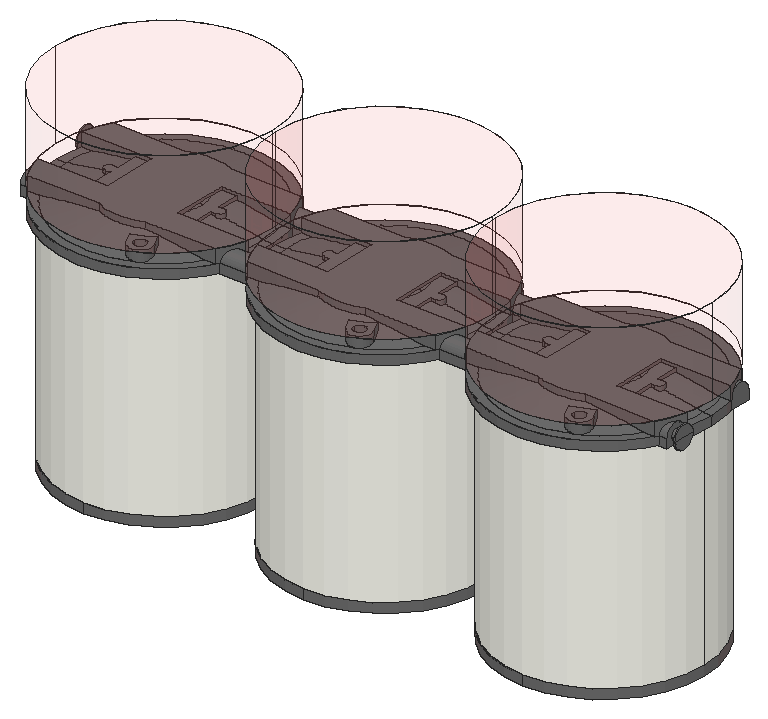
Revit family
Parameters (values of type "1500CRF")
  Watermarked By = "http://revitwatermark.com"
  Water_Ice Tank Volume = "4965 Gallons"
  Warning = "Ice tanks are a component in an ice storage system including chillers, pumps, and controls. Contact CALMAC for IceBank® selection support to make sure all system components will work together properly."
  URL = "http://www.calmac.com/"
  Total Cooling Capacity [instance] = 0.0 ton
  Tank Net Usable Capacity = "486 Ton-Hrs"
  Is Tank 3 Lid Visible = not(CTRL Off)  # yes
  Is Tank 3 Front Right Connector Visible = 1 = 0  # no
  Is Tank 3 Front Left Connector Visible = not(CTRL On)  # no
  Is Tank 3 Back Right Connector Visible = 1 = 0  # no
  Is Tank 3 Back Left Connector Visible = not(CTRL Off)  # yes
  Is Tank 2 Lid Visible = not(CTRL Off)  # yes
  Is Tank 2 Front Right Connector Visible = 1 = 0  # no
  Is Tank 2 Front Left Connector Visible = 1 = 0  # no
  Is Tank 2 Back Right Connector Visible = 1 = 0  # no
  Is Tank 2 Back Left Connector Visible = 1 = 0  # no
  Is Tank 1 Front Right Connector Visible = not(CTRL Off)  # yes
  Is Tank 1 Front Left Connector Visible = 1 = 0  # no
  Is Tank 1 Back Right Connector Visible = not(CTRL On)  # no
  Is Tank 1 Back Left Connector Visible = 1 = 0  # no
  Surface Finish = Plastic- Calmac- Black
  Supply Coolant Temperature [instance] = -459.67 °F
  Storage Inlet Temperature [instance] = 60 °F
  Shipping Weight = 6000.00 lbf
  Return Coolant Temperature [instance] = -459.67 °F
  Requires Plate Heat Exchanger [instance] = no
  Project/Customer = ""
  Product Page URL = "http://www.calmac.com/products/icebank.asp"
  Product Documentation Link = "http://www.calmac.com/products/documents/CS-50Model1500CRFAug2007.pdf"
  Pressure Drop [instance] = 0.00 psi
  Precool Hours [instance] = 0
  Pipe Material = Plastic- Calmac- Black
  Operating Weight = 50600.00 lbf
  Occupied Hours [instance] = 0
  Model = "1500C"
  Maximum Operating Temperature = "38°C"
  Maximum Operating Pressure = "620 kPa"
  Manufacturer e-mail = "info@Calmac.com"
  Manufacturer Contact Details = "CALMAC Manufacturing Corporation Headquarters, 3-00 Banta Place, Fair Lawn, NJ  07410, Tel: (201) 797-1511, Fax: (201) 797-1522"
  Manufacturer = "CALMAC Manufacturing Corp."  # constant formula
  Main Use [instance] = ""
  Location [instance] = ""
  Lid Diameter = 89"  # constant formula
  Leg 4 = 226"  # constant formula
  Leg 3 = 180"  # constant formula
  Leg 2 = 90"  # constant formula
  Leg 1 = 46"  # constant formula
  Latent Cooling Capacity [instance] = 0.0 ton
  Inlet Outlet Center Height = 96 1/2"  # constant formula
  Heat Exchanger Volume = "472 Gallons"
  Has Rigging Bar [instance] = no
  Has Plate and Frame Heat Exchanger [instance] = no
  Has Ice Inventory Meter [instance] = no
  Has Heat Transfer Fluid [instance] = no
  Has Glycol Management System [instance] = no
  Floor Loading Weight = "391 lb/sq.ft."
  Factory Tested Pressure = "1724 kPa"
  Diversity Factor [instance] = 0
  Discharge Rate [instance] = 0
  Discharge Hours [instance] = 0
  Description = "Off-Peak Cooling System"
  Is Clearance Box Visible [instance] = yes
  Clearance Box Height = 36"
  City/State [instance] = ""
  CTRL On = yes
  CTRL Off = not(CTRL On)  # no
  CTRL Hydronic Supply Description = "Hydronic Supply"  # constant formula
  CTRL Hydronic Return Description = "Hydronic Return"  # constant formula
  CTRL Base Radius = 41 3/8"  # constant formula
  Body Material = Plastic- Calmac- Off_White
  Has Solid Base [instance] = yes
  Is Tank 3 Visible = not(CTRL Off)  # yes
  Is Tank 2 Visible = not(CTRL Off)  # yes
  Base Height = Inlet Outlet Center Height - 3 3/4"  # 92 3/4"
  Base Finish = Plastic- Calmac- Black
  Assembly Code = "D3030300"
  Actual Chilled Water Flow [instance] = 0 GPM
Reference planes (in)
  plane 1 "Center (Front/Back)": y = 0
  plane 2 "Bottom": z = 0
  plane 3 "Center (Left/Right)": x = 0
  plane 4 "Left 2 Center (L/R)": x = -90
  plane 5 "Tank 3 Center (L/r)": x = -180
  plane 6 "T.O. Base": z = 92.75
  plane 7 "Inlet/Outlet Center (Elevation)": z = 96.5
  plane 8 "Right Connector Face": x = 46
  plane 9 "Tank 3 Left Connector Face": x = -226
  plane 10 "T2-T3": x = -135
  plane 11 "T1-T2": x = -45
  plane 12 "Front Connector Center (F/B)": y = -16.5
  plane 13 "Back Connector Center (F/B)": y = 16.5
  plane 14 "Back": y = 44.5
  plane 15 "Front": y = -44.5
  plane 16 "T.O. Lid": z = 102
  plane 17 "Top": z = 138
  plane 18 "Front of Tank": x = 44
  plane 19 "Back of Tank": x = -224
  plane 20: x = 42.59375
Dimensions and locks (in)
  "Leg 2": plane 4 "Left 2 Center (L/R)" to nested 1
  "Leg 3": plane 5 "Tank 3 Center (L/r)" to nested 1
  locked: plane 7 "Inlet/Outlet Center (Elevation)" to plane 6 "T.O. Base" at 3.75
  "Inlet Outlet Center Height": plane 7 "Inlet/Outlet Center (Elevation)" to plane 2 "Bottom"
  "Leg 1": plane 3 "Center (Left/Right)" to plane 8 "Right Connector Face"
  "Leg 4": plane 9 "Tank 3 Left Connector Face" to plane 3 "Center (Left/Right)"
  locked: plane 1 "Center (Front/Back)" to plane 13 "Back Connector Center (F/B)" at 16.5
  locked: plane 12 "Front Connector Center (F/B)" to plane 1 "Center (Front/Back)" at 16.5
  locked: plane 1 "Center (Front/Back)" to plane 14 "Back" at 44.5
  locked: plane 15 "Front" to plane 1 "Center (Front/Back)" at 44.5
  plane 16 "T.O. Lid" to plane 7 "Inlet/Outlet Center (Elevation)" = 5 1/2"
  "Clearance Box Height": plane 17 "Top" to plane 16 "T.O. Lid"
  plane 9 "Tank 3 Left Connector Face" to plane 8 "Right Connector Face" = 272"
  locked: plane 5 "Tank 3 Center (L/r)" to plane 4 "Left 2 Center (L/R)" at 90
  locked: plane 4 "Left 2 Center (L/R)" to plane 3 "Center (Left/Right)" at 90
  locked: plane 18 "Front of Tank" to plane 8 "Right Connector Face" at 2
  plane 9 "Tank 3 Left Connector Face" to plane 18 "Front of Tank" = 270"
  plane 10 "T2-T3" to plane 4 "Left 2 Center (L/R)" to plane 11 "T1-T2" = 45" locked, 45" locked
  locked: plane 9 "Tank 3 Left Connector Face" to plane 19 "Back of Tank" at 2
  nested 4 to plane 20 = 222 19/32"
  aligned and locked: plane 1 "Center (Front/Back)" to nested 1
  aligned and locked: plane 3 "Center (Left/Right)" to nested 1
  aligned and locked: plane 4 "Left 2 Center (L/R)" to nested 2
  aligned and locked: plane 1 "Center (Front/Back)" to nested 2
  aligned and locked: plane 5 "Tank 3 Center (L/r)" to nested 3
  aligned and locked: plane 1 "Center (Front/Back)" to nested 3
  aligned and locked: plane 6 "T.O. Base" to nested 4
  aligned: plane 5 "Tank 3 Center (L/r)" to nested 4
  aligned and locked: plane 1 "Center (Front/Back)" to nested 4
  aligned and locked: plane 1 "Center (Front/Back)" to nested 5
  aligned and locked: plane 4 "Left 2 Center (L/R)" to nested 5
  aligned and locked: plane 3 "Center (Left/Right)" to nested 6
  aligned and locked: plane 1 "Center (Front/Back)" to nested 6
  aligned and locked: plane 6 "T.O. Base" to nested 6
  aligned and locked: plane 6 "T.O. Base" to nested 5
  aligned: plane 6 "T.O. Base" to nested 3
  aligned and locked: nested 3 to nested 4
  aligned and locked: plane 2 "Bottom" to nested 3
  aligned and locked: plane 2 "Bottom" to nested 2
  aligned and locked: plane 2 "Bottom" to nested 1
Nested families (in)
  nested 1: "Cooling_Plant_Accessories-Calmac-IceBank-Base" at (0, 0, 0), type "Base"
    with Is Symbolic Line Visible no, Has Solid Base yes, CTRL Inner Wall Radius 40 1/2", CTRL Base Radius 41 3/8", Base Height 92 3/4"
  nested 2: "Cooling_Plant_Accessories-Calmac-IceBank-Base" at (-90, 0, 0), visible <- "Is Tank 2 Visible", type "Base"
    with Is Symbolic Line Visible no, Has Solid Base yes, CTRL Inner Wall Radius 40 1/2", CTRL Base Radius 41 3/8", Base Height 92 3/4"
  nested 3: "Cooling_Plant_Accessories-Calmac-IceBank-Base" at (-180, 0, 0), visible <- "Is Tank 3 Visible", type "Base"
    with Is Symbolic Line Visible no, Has Solid Base yes, CTRL Inner Wall Radius 40 1/2", CTRL Base Radius 41 3/8", Base Height 92 3/4"
  nested 4: "Cooling_Plant_Accessories-Calmac-IceBank-Lid_C" at (-180, 0, 92.75), visible <- "Is Tank 3 Lid Visible", Is Front Right  Flanged Connector Visibility <- "Is Tank 3 Front Right Connector Visible", Is Front Left  Flanged Connector Visibility <- "Is Tank 3 Front Left Connector Visible", Is Clearance Box Visible <- "Is Clearance Box Visible", Is Back Right Flanged Connector Visibility <- "Is Tank 3 Back Right Connector Visible", Is Back Left  Flanged Connector Visibility <- "Is Tank 3 Back Left Connector Visible", Diameter <- "Lid Diameter", Clearance Box Height <- "Clearance Box Height", type "Lid-C"
    with Show Piping Insulation yes, Is Front Right  Flanged Connector Visibility no, Is Front Left  Flanged Connector Visibility no, Is Clearance Box Visible yes, Is Back Right Flanged Connector Visibility no, Is Back Left  Flanged Connector Visibility yes, Insulation Length Right 222 19/32", Insulation Length Left 42 19/32", Diameter 89", Connections Rear Cooling_Plant_Accessories-Calmac-IceBank-4-Inch Flanged Connection : Flange, Connections Front Cooling_Plant_Accessories-Calmac-IceBank-4-Inch Flanged Connection : No Flange, Clearance Box Height 36", CTRL Radius 44 1/2"
  nested 5: "Cooling_Plant_Accessories-Calmac-IceBank-Lid_C" at (-90, 0, 92.75), visible <- "Is Tank 2 Lid Visible", Clearance Box Height <- "Clearance Box Height", Is Front Right  Flanged Connector Visibility <- "Is Tank 2 Front Right Connector Visible", Is Front Left  Flanged Connector Visibility <- "Is Tank 2 Front Left Connector Visible", Is Clearance Box Visible <- "Is Clearance Box Visible", Is Back Right Flanged Connector Visibility <- "Is Tank 2 Back Right Connector Visible", Is Back Left  Flanged Connector Visibility <- "Is Tank 2 Back Left Connector Visible", Diameter <- "Lid Diameter", type "Lid-C"
    with Show Piping Insulation no, Is Front Right  Flanged Connector Visibility no, Is Front Left  Flanged Connector Visibility no, Is Clearance Box Visible yes, Is Back Right Flanged Connector Visibility no, Is Back Left  Flanged Connector Visibility no, Insulation Length Right 42 19/32", Insulation Length Left 42 19/32", Diameter 89", Connections Rear Cooling_Plant_Accessories-Calmac-IceBank-4-Inch Flanged Connection : No Flange, Connections Front Cooling_Plant_Accessories-Calmac-IceBank-4-Inch Flanged Connection : No Flange, Clearance Box Height 36", CTRL Radius 44 1/2"
  nested 6: "Cooling_Plant_Accessories-Calmac-IceBank-Lid_C" at (0, 0, 92.75), Clearance Box Height <- "Clearance Box Height", Diameter <- "Lid Diameter", Is Front Right  Flanged Connector Visibility <- "Is Tank 1 Front Right Connector Visible", Is Front Left  Flanged Connector Visibility <- "Is Tank 1 Front Left Connector Visible", Is Clearance Box Visible <- "Is Clearance Box Visible", Is Back Right Flanged Connector Visibility <- "Is Tank 1 Back Right Connector Visible", Is Back Left  Flanged Connector Visibility <- "Is Tank 1 Back Left Connector Visible", type "Lid-C"
    with Show Piping Insulation no, Is Front Right  Flanged Connector Visibility yes, Is Front Left  Flanged Connector Visibility no, Is Clearance Box Visible yes, Is Back Right Flanged Connector Visibility no, Is Back Left  Flanged Connector Visibility no, Insulation Length Right 42 19/32", Insulation Length Left 42 19/32", Diameter 89", Connections Rear Cooling_Plant_Accessories-Calmac-IceBank-4-Inch Flanged Connection : No Flange, Connections Front Cooling_Plant_Accessories-Calmac-IceBank-4-Inch Flanged Connection : Flange, Clearance Box Height 36", CTRL Radius 44 1/2"
Connectors (in)
  piping at (46.01172, -16.5, 96.5)
    settings: on nested 6, index 1, connector radius 2", flow factor 0, pipe flow 0 GPM, pressure drop 0.00 psi, fitting loss kfactor 0, connector angle 0.00°, fixture units 0, flow configuration 0, flow direction 0, fitting loss method 0, system type 7, connector reference index -1, connector utility 0, adjustable connector no, is connector primary yes, fitting loss table "", connector description ""
  piping at (-226.01172, 16.5, 96.5)
    settings: on nested 4, index 2, connector radius 2", flow factor 0, pipe flow 0 GPM, pressure drop 0.00 psi, fitting loss kfactor 0, connector angle 0.00°, fixture units 0, flow configuration 0, flow direction 0, fitting loss method 0, system type 7, connector reference index -1, connector utility 0, adjustable connector no, is connector primary no, fitting loss table "", connector description ""
Definition of nested family "Cooling_Plant_Accessories-Calmac-IceBank-Base"
  Parameters (values of type "Base")
    Wall Thickness = 7/8"
    URL = "http://www.calmac.com/"
    Type Comments = ""
    Is Symbolic Line Visible = not(Has Solid Base)  # yes
    Has Solid Base = no
    Model = ""
    Manufacturer = "CALMAC Manufacturing Corp."  # constant formula
    CTRL Inner Wall Radius = CTRL Base Radius - Wall Thickness  # 36"
    CTRL Base Radius = 36 7/8"
    Body Material = Plastic- Calmac- Off_White
    Base Height = 43 5/16"
    Base Finish = Plastic- Calmac- Black
    Assembly Code = "D3030"
  Reference planes (in)
    plane 1 "Center (Front/Back)": y = 0
    plane 2 "Bottom": z = 0
    plane 3 "Center (Left/Right)": x = 0
    plane 4 "Back": y = 36.875
    plane 5 "Front": y = -36.875
    plane 6 "Right": x = 36.875
    plane 7 "Left": x = -36.875
    plane 8 "T.O. Base Plate": z = 4
    plane 9 "Right Edge of Right Void": x = 24.125
    plane 10 "Left Edge of Right Void": x = 13.125
    plane 11 "Left Edge of Left Void": x = -24.125
    plane 12 "Right Edge of Left Void": x = -13.125
    plane 13 "T.O. Base Void": z = 2
    plane 14 "T.O. Base": z = 43.3125
  Forms (in)
    Extrusion 1, solid, material "Plastic- Calmac- Black" <- "Base Finish", visible <- "Is Symbolic Line Visible", detail levels fine
      sketch origin (0, 0, 0) x (1, 0, 0) y (0, 1, 0)
        loop
          circle (0, 0) r 36.875
      from 0 to 4
    Extrusion 2, void
      sketch origin (0, 0, 0) x (1, 0, 0) y (0, 1, 0)
        loop
          line (-24.125, 36.875) -> (-24.125, -36.875) -> (-13.125, -36.875) -> (-13.125, 36.875) -> (-24.125, 36.875)
        loop
          line (13.125, 36.875) -> (13.125, -36.875) -> (24.125, -36.875) -> (24.125, 36.875) -> (13.125, 36.875)
      from 0 to 2
    Extrusion 3, solid, material "Plastic- Calmac- Off_White" <- "Body Material", detail levels fine
      sketch origin (0, 0, 0) x (1, 0, 0) y (0, 1, 0)
        loop
          circle (0, 0) r 36.875
        loop
          circle (0, 0) r 36
      from 4 to 43.3125
    Extrusion 4, solid, material "Plastic- Calmac- Black" <- "Base Finish", visible <- "Has Solid Base", detail levels fine
      sketch origin (0, 0, 43.3125) x (0, -1, 0) y (1, 0, 0)
        loop
          circle (0, 0) r 36.875
      from -43.3125 to -39.3125
  Cuts and joins
    Extrusion 2 cuts Extrusion 3
    Extrusion 2 cuts Extrusion 1
  Lines and regions (in)
    Masking region 1
      outline origin (0, 0, 0) x (1, 0, 0) y (0, 1, 0)
        loop
          circle (0, 0) r 36.875
    Masking region 2
      outline origin (0, 0, 0) x (1, 0, 0) y (0, 0, 1)
        loop
          line (-36.875, 0) -> (36.875, 0) -> (36.875, 43.3125) -> (-36.875, 43.3125) -> (-36.875, 0)
    Masking region 3
      outline origin (0, 0, 0) x (0, 1, 0) y (0, 0, 1)
        loop
          line (-36.875, 0) -> (36.875, 0) -> (36.875, 43.3125) -> (-36.875, 43.3125) -> (-36.875, 0)
    symbolic lines, style "Base", detail levels medium+fine
      curve 1: line (-36.875, 0, 4) -> (36.875, 0, 4)
      curve 8: line (0, -36.875, 4) -> (0, 36.875, 4)
    symbolic lines, style "Base", visible <- "Is Symbolic Line Visible", detail levels medium+fine
      curve 2: line (-24.125, 0, 0) -> (-24.125, 0, 2)
      curve 3: line (-24.125, 0, 2) -> (-13.125, 0, 2)
      curve 4: line (13.125, 0, 2) -> (24.125, 0, 2)
      curve 5: line (13.125, 0, 0) -> (13.125, 0, 2)
      curve 6: line (24.125, 0, 0) -> (24.125, 0, 2)
      curve 7: line (-13.125, 0, 0) -> (-13.125, 0, 2)
    model lines, style "Base", detail levels medium
      curve 9: circle (0, 0, 43.3125) r 36.875 normal (0, 0, 1)
      curve 10: circle (0, 0, 4) r 36.875 normal (0, 0, 1)
      curve 11: circle (0, 0, 0) r 36.875 normal (0, 0, 1)
      curve 12: line (36.875, 0, 0) -> (36.875, 0, 43.3125)
      curve 13: line (-36.875, 0, 0) -> (-36.875, 0, 43.3125)
      curve 14: line (0, -36.875, 0) -> (0, -36.875, 43.3125)
      curve 15: line (0, 36.875, 0) -> (0, 36.875, 43.3125)
    model lines, style "Base", detail levels coarse
      curve 16: line (0, 0, 0) -> (0, 0, 43.3125)
  Dimensions and locks (in)
    locked: plane 7 "Left" to plane 11 "Left Edge of Left Void" at 12.75
    locked: plane 7 "Left" to plane 12 "Right Edge of Left Void" at 23.75
    locked: plane 9 "Right Edge of Right Void" to plane 6 "Right" at 12.75
    locked: plane 10 "Left Edge of Right Void" to plane 6 "Right" at 23.75
    "CTRL Base Radius": plane 7 "Left" to plane 3 "Center (Left/Right)"
    "CTRL Base Radius": plane 3 "Center (Left/Right)" to plane 6 "Right"
    "CTRL Base Radius": plane 1 "Center (Front/Back)" to plane 4 "Back"
    "CTRL Base Radius": plane 5 "Front" to plane 1 "Center (Front/Back)"
    locked: plane 8 "T.O. Base Plate" to plane 2 "Bottom" at 4
    "Base Height": plane 14 "T.O. Base" to plane 2 "Bottom"
    locked: plane 13 "T.O. Base Void" to plane 2 "Bottom" at 2
    "CTRL Base Radius": radius of Extrusion 1 sketch curve
    "CTRL Base Radius": radius of Extrusion 3 sketch curve
    "CTRL Inner Wall Radius": radius of Extrusion 3 sketch curve
    "CTRL Base Radius": radius of Masking region 1 sketch curve
    "CTRL Base Radius": radius of curve 9
    "CTRL Base Radius": radius of curve 10
    "CTRL Base Radius": radius of curve 11
    "CTRL Base Radius": radius of Extrusion 4 sketch curve
    aligned and locked: plane 3 "Center (Left/Right)" to Extrusion 1 sketch curve
    aligned and locked: plane 1 "Center (Front/Back)" to Extrusion 1 sketch curve
    aligned and locked: Extrusion 1 to plane 2 "Bottom"
    aligned and locked: plane 8 "T.O. Base Plate" to Extrusion 1
    aligned and locked: plane 2 "Bottom" to Extrusion 1
    aligned and locked: Extrusion 2 sketch curve to plane 4 "Back"  (x2)
    aligned and locked: Extrusion 2 sketch curve to plane 12 "Right Edge of Left Void"
    aligned and locked: plane 11 "Left Edge of Left Void" to Extrusion 2 sketch curve
    aligned and locked: Extrusion 2 sketch curve to plane 5 "Front"  (x2)
    aligned and locked: Extrusion 2 sketch curve to plane 10 "Left Edge of Right Void"
    aligned and locked: Extrusion 2 sketch curve to plane 9 "Right Edge of Right Void"
    aligned and locked: plane 13 "T.O. Base Void" to Extrusion 2
    aligned and locked: Extrusion 2 to plane 2 "Bottom"
    aligned and locked: Extrusion 2 to plane 5 "Front"
    aligned and locked: plane 4 "Back" to Extrusion 2
    aligned and locked: Extrusion 2 to plane 13 "T.O. Base Void"  (x2)
    aligned and locked: plane 11 "Left Edge of Left Void" to Extrusion 2
    aligned and locked: plane 2 "Bottom" to Extrusion 2  (x2)
    aligned and locked: Extrusion 2 to plane 12 "Right Edge of Left Void"
    aligned and locked: plane 10 "Left Edge of Right Void" to Extrusion 2
    aligned and locked: Extrusion 2 to plane 9 "Right Edge of Right Void"
    aligned and locked: plane 3 "Center (Left/Right)" to Extrusion 3 sketch curve  (x2)
    aligned and locked: plane 1 "Center (Front/Back)" to Extrusion 3 sketch curve  (x2)
    aligned and locked: Extrusion 3 to plane 8 "T.O. Base Plate"
    aligned and locked: plane 14 "T.O. Base" to Extrusion 3
    aligned and locked: plane 3 "Center (Left/Right)" to Masking region 1 sketch curve
    aligned and locked: plane 1 "Center (Front/Back)" to Masking region 1 sketch curve
    aligned and locked: Masking region 2 sketch curve to plane 14 "T.O. Base"
    aligned and locked: plane 6 "Right" to Masking region 2 sketch curve
    aligned and locked: plane 2 "Bottom" to Masking region 2 sketch curve
    aligned and locked: Masking region 2 sketch curve to plane 7 "Left"
    aligned and locked: plane 7 "Left" to curve 1
    aligned and locked: plane 6 "Right" to curve 1
    aligned and locked: curve 1 to plane 8 "T.O. Base Plate"
    aligned and locked: plane 11 "Left Edge of Left Void" to curve 3
    aligned and locked: plane 12 "Right Edge of Left Void" to curve 3
    aligned and locked: curve 3 to plane 13 "T.O. Base Void"
    aligned and locked: plane 2 "Bottom" to curve 2
    aligned and locked: curve 2 to plane 11 "Left Edge of Left Void"
    aligned and locked: plane 10 "Left Edge of Right Void" to curve 4
    aligned and locked: plane 9 "Right Edge of Right Void" to curve 4
    aligned and locked: plane 13 "T.O. Base Void" to curve 5
    aligned and locked: plane 13 "T.O. Base Void" to curve 6
    aligned and locked: plane 2 "Bottom" to curve 5
    aligned and locked: curve 5 to plane 10 "Left Edge of Right Void"
    aligned and locked: curve 6 to plane 9 "Right Edge of Right Void"
    aligned and locked: plane 13 "T.O. Base Void" to curve 7
    aligned and locked: plane 2 "Bottom" to curve 7
    aligned and locked: curve 7 to plane 12 "Right Edge of Left Void"
    aligned and locked: plane 5 "Front" to Masking region 3 sketch curve
    aligned and locked: plane 14 "T.O. Base" to Masking region 3 sketch curve
    aligned and locked: Masking region 3 sketch curve to plane 4 "Back"
    aligned and locked: plane 2 "Bottom" to Masking region 3 sketch curve
    aligned and locked: plane 4 "Back" to curve 8
    aligned and locked: plane 5 "Front" to curve 8
    aligned and locked: curve 8 to plane 8 "T.O. Base Plate"
    aligned and locked: plane 3 "Center (Left/Right)" to curve 9
    aligned and locked: plane 1 "Center (Front/Back)" to curve 9
    aligned and locked: curve 9 to plane 14 "T.O. Base"
    aligned and locked: curve 10 to plane 8 "T.O. Base Plate"
    aligned and locked: plane 3 "Center (Left/Right)" to curve 10
    aligned and locked: plane 1 "Center (Front/Back)" to curve 10
    aligned: curve 11 to plane 2 "Bottom"
    aligned and locked: plane 3 "Center (Left/Right)" to curve 11
    aligned and locked: plane 1 "Center (Front/Back)" to curve 11
    aligned and locked: plane 14 "T.O. Base" to curve 12
    aligned and locked: plane 14 "T.O. Base" to curve 13
    aligned and locked: plane 2 "Bottom" to curve 12
    aligned and locked: plane 2 "Bottom" to curve 13
    aligned and locked: curve 12 to plane 6 "Right"
    aligned and locked: curve 13 to plane 7 "Left"
    aligned and locked: curve 12 to plane 1 "Center (Front/Back)"
    aligned and locked: curve 13 to plane 1 "Center (Front/Back)"
    aligned and locked: plane 14 "T.O. Base" to curve 14
    aligned and locked: plane 14 "T.O. Base" to curve 15
    aligned and locked: plane 2 "Bottom" to curve 14
    aligned and locked: plane 2 "Bottom" to curve 15
    aligned and locked: plane 4 "Back" to curve 15
    aligned and locked: plane 5 "Front" to curve 14
    aligned and locked: plane 3 "Center (Left/Right)" to curve 14
    aligned and locked: plane 3 "Center (Left/Right)" to curve 15
    aligned and locked: plane 14 "T.O. Base" to curve 16
    aligned and locked: plane 2 "Bottom" to curve 16
    aligned and locked: plane 3 "Center (Left/Right)" to curve 16
    aligned and locked: curve 16 to plane 1 "Center (Front/Back)"
    aligned and locked: plane 1 "Center (Front/Back)" to Extrusion 4 sketch curve
    aligned and locked: plane 3 "Center (Left/Right)" to Extrusion 4 sketch curve
    aligned and locked: plane 8 "T.O. Base Plate" to Extrusion 4
    aligned and locked: Extrusion 4 to plane 2 "Bottom"
  Automatic sketch dimensions
    curve 6 to level = 0"
Definition of nested family "Cooling_Plant_Accessories-Calmac-IceBank-Lid_C"
  Parameters (values of type "Lid-C")
    Surface Finish = Plastic- Calmac- Black
    Show Piping Insulation [instance] = yes
    Insulation Length Right [instance] = 42 19/32"
    Insulation Length Left [instance] = 42 19/32"
    Connections Rear [instance] = Cooling_Plant_Accessories-Calmac-IceBank-4-Inch Flanged Connection : Flange
    Pipe Material = Plastic- Calmac- Black
    Is Front Right  Flanged Connector Visibility [instance] = yes
    Is Front Left  Flanged Connector Visibility [instance] = yes
    Connections Front [instance] = Cooling_Plant_Accessories-Calmac-IceBank-4-Inch Flanged Connection : Flange
    Diameter [instance] = 88 5/8"
    Is Clearance Box Visible [instance] = yes
    Clearance Box Height [instance] = 36"
    CTRL Radius [instance] = Diameter / 2  # 44 5/16"
    Is Back Right Flanged Connector Visibility [instance] = yes
    Is Back Left  Flanged Connector Visibility [instance] = yes
  Reference planes (in)
    plane 1 "Center (Front/Back)": y = 0
    plane 2 "Bottom": z = 0
    plane 3 "Center (Left/Right)": x = 0
    plane 4 "Back": y = 44.315
    plane 5 "Back Connector Back": y = 20.75
    plane 6 "Back Connector Center": y = 16.5
    plane 7 "Back Connector Front": y = 12.25
    plane 8 "Piping Back": y = 21.88647
    plane 9 "Rigging Back": y = 11.25
    plane 10 "Rigging Loop Back": y = 2
    plane 11 "Top Back Edge": y = 24
    plane 12 "Back Inset": y = 40.5
    plane 13 "Back Bolt Front": y = 41.313
    plane 14 "Front": y = -44.315
    plane 15 "Front Connection Front": y = -20.75
    plane 16 "Fron Connector Center": y = -16.5
    plane 17 "Front Connector Back": y = -12.25
    plane 18 "Piping Front": y = -21.88647
    plane 19 "Rigging Front": y = -11.25
    plane 20 "Rigging Loop Front": y = -2
    plane 21 "Top Front Edge": y = -24
    plane 22 "Front Inset": y = -40.5
    plane 23 "Pad Eye Back Right": y = -25.81593
    plane 24 "Pad Eye Back Left Offset": y = -29.90257
    plane 25 "Pad Eye Hole": y = -34.65277
    plane 26 "Pad Eye Back Left": y = -29.72849
    plane 27 "Pad Eye Front Center": y = -36.16371
    plane 28 "Left Connection": x = -44.04297
    plane 29 "Left": x = -44.31273
    plane 30 "Left Lip Inset": x = -40.49773
    plane 31 "Left Rigging Loop Left": x = -24.67173
    plane 32 "Left Rigging Loop Inset": x = -21.42181
    plane 33 "Left Rigging Loop Right": x = -20.67011
    plane 34 "Left Rigging Right": x = -14.19546
    plane 35 "Top Left": x = -9.54335
    plane 36 "Right Connection": x = 44.04297
    plane 37 "Right": x = 44.31273
    plane 38 "Lid Inset Right": x = 40.49773
    plane 39 "Right Rigging Loop Right": x = 24.67173
    plane 40 "Right Rigging Loop Inset": x = 21.42181
    plane 41 "Right Rigging Loop Left": x = 20.67011
    plane 42 "Right Rigging Left": x = 14.19546
    plane 43 "Top Right": x = 9.54335
    plane 44 "Connection Sleeve Left": x = -42.58273
    plane 45 "Connection Sleeve Right": x = 42.58273
    plane 46 "Right Center": x = 17.8202
    plane 47 "Bolt Inset Right": x = 1.00017
    plane 48 "Bolt Inset Left": x = -1.00017
    plane 49 "Bolt Inset Center": y = 42.31422
    plane 50 "Top Left Inset": x = -38.53052
    plane 51 "Top Right Inset": x = 38.53052
    plane 52 "Right Side Chanel": x = 42.86089
    plane 53 "Left Side Channel": x = -42.86089
    plane 54 "Top of Clearance Box": z = 45.25
    plane 55 "Top": z = 9.25
    plane 56 "Connector Channel Top": z = 8
    plane 57 "Center (Elevation)": z = 3.75
    plane 58 "Front Inset 2": y = -36.85443
    plane 59 "Flange Right": x = 46.0007
    plane 60 "Insulation - Right": x = 42.59375
    plane 61 "Insulation - Left": x = -42.59375
    plane 62 "Flange Left": x = -46.01172
    plane 63: x = 46.01172
  Forms (in)
    Revolve 1, solid, material "Plastic- Calmac- Black" <- "Surface Finish", detail levels fine
      sketch origin (0, 0, 0) x (1, 0, 0) y (0, 0, 1)
        loop
          line (0, 9) -> (0, 0) -> (44.31273, 0) -> (44.31273, 3.75) -> (40.49773, 3.75) -> (9.54335, 9) -> (0, 9)
        axis (0, 9) -> (0, 0)
      angle from 0 to 360
    Extrusion 2, solid, material "Plastic- Calmac- Black" <- "Surface Finish", detail levels fine
      sketch origin (0, 0, 0) x (1, 0, 0) y (0, 1, 0)
        loop
          arc (-38.53052, 21.88647) -> (-41.04173, 16.70911) -> (-42.86089, 11.25) r 44.31273
          line (-42.86089, 11.25) -> (-14.19546, 11.25) -> (-14.19546, -11.25) -> (-42.86089, -11.25)
          arc (-42.86089, -11.25) -> (-41.04173, -16.70911) -> (-38.53052, -21.88647) r 44.31273
          line (-38.53052, -21.88647) -> (-9.54335, -21.88647)
          arc (-9.54335, -21.88647) -> (0, -24) -> (9.54335, -21.88647) r 22.60261
          line (9.54335, -21.88647) -> (38.53052, -21.88647)
          arc (38.53052, -21.88647) -> (41.04173, -16.70911) -> (42.86089, -11.25) r 44.31273
          line (42.86089, -11.25) -> (14.19546, -11.25) -> (14.19546, 11.25) -> (42.86089, 11.25)
          arc (42.86089, 11.25) -> (41.04173, 16.70911) -> (38.53052, 21.88647) r 44.31273
          line (38.53052, 21.88647) -> (9.54335, 21.88647)
          arc (9.54335, 21.88647) -> (0, 24) -> (-9.54335, 21.88647) r 22.60261
          line (-9.54335, 21.88647) -> (-38.53052, 21.88647)
      from 3.75 to 9.25
    Extrusion 3, solid, material "Plastic- Calmac- Black" <- "Surface Finish", visible <- "Show Piping Insulation", detail levels fine
      sketch origin (0, 0, 0) x (0, 1, 0) y (0, 0, 1)
        loop
          arc (20.75, 3.75) -> (16.5, 8) -> (12.25, 3.75) r 4.25
          line (12.25, 3.75) -> (12.25, 0) -> (20.75, 0) -> (20.75, 3.75)
        loop
          arc (-12.25, 3.75) -> (-16.5, 8) -> (-20.75, 3.75) r 4.25
          line (-20.75, 3.75) -> (-20.75, 0) -> (-12.25, 0) -> (-12.25, 3.75)
      from -42.59375 to 42.59375
    Extrusion 4, solid, material "Plastic- Calmac- Black" <- "Surface Finish", detail levels fine
      sketch origin (0, 0, 0) x (1, 0, 0) y (0, 1, 0)
        loop
          circle (15.75299, -32.19443) r 2.46875
        loop
          arc (17.70624, -25.58301) -> (13.67455, -27.9461) -> (9.33437, -29.67863) r 31.11
          line (9.33437, -29.67863) -> (11.56709, -34.24232)
          arc (11.56709, -34.24232) -> (17.80089, -36.38032) -> (19.93889, -30.14653) r 4.66
          line (19.93889, -30.14653) -> (17.70624, -25.58301)
      from 3.75 to 8
    Extrusion 5, solid, material "Plastic- Calmac- Black" <- "Surface Finish", detail levels fine
      sketch origin (0, 0, 0) x (1, 0, 0) y (0, 1, 0)
        loop
          line (-20.67011, 11.25) -> (-20.67011, 2) -> (-22.67173, 2)
          arc (-22.67173, 2) -> (-24.67173, 0) -> (-22.67173, -2) r 2
          line (-22.67173, -2) -> (-20.67011, -2) -> (-20.67011, -11.25) -> (-14.19546, -11.25) -> (-14.19546, 11.25) -> (-20.67011, 11.25)
        loop
          line (20.67011, 2) -> (20.67011, 11.25) -> (14.19546, 11.25) -> (14.19546, -11.25) -> (20.67011, -11.25) -> (20.67011, -2) -> (22.67548, -2)
          arc (22.67548, -2) -> (24.67548, 0) -> (22.67548, 2) r 2
          line (22.67548, 2) -> (20.67011, 2)
      from 3.75 to 8
  Cuts and joins
    joined: Revolve 1, Extrusion 2, Extrusion 4, Extrusion 5
  Lines and regions (in)
    Masking region 1
      outline origin (0, 0, 0) x (1, 0, 0) y (0, 0, 1)
        loop
          line (-44.31273, 9.25) -> (-44.31273, 0) -> (44.31273, 0) -> (44.31273, 9.25) -> (-44.31273, 9.25)
    Masking region 2
      outline origin (0, 0, 0) x (0, 1, 0) y (0, 0, 1)
        loop
          line (44.315, 3.75) -> (40.5, 3.75) -> (24, 6.54801) -> (24, 9.25) -> (-24, 9.25) -> (-24, 6.54801) -> (-25.58301, 6.26888) -> (-25.58301, 8) -> (-36.85443, 8) -> (-36.85443, 4.39281) -> (-40.5, 3.75) -> (-44.315, 3.75) -> (-44.315, 0) -> (44.315, 0) -> (44.315, 3.75)
    Masking region 3
      outline origin (0, 0, 3.75) x (-1, 0, 0) y (0, -1, 0)
        loop
          circle (0, 0) r 44.31273
    Masking region 4, visible <- "Show Piping Insulation"
      outline origin (0, 0, 9) x (-1, 0, 0) y (0, -1, 0)
        loop
          line (42.59375, -20.75) -> (42.59375, -12.25) -> (-42.59375, -12.25) -> (-42.59375, -20.75) -> (42.59375, -20.75)
        loop
          line (42.59375, 12.25) -> (42.59375, 20.75) -> (-42.59375, 20.75) -> (-42.59375, 12.25) -> (42.59375, 12.25)
    Masking region 5, visible <- "Show Piping Insulation"
      outline origin (0, 0, 0) x (1, 0, 0) y (0, 0, 1)
        loop
          line (-42.59375, 8) -> (-42.59375, 0) -> (42.59375, 0) -> (42.59375, 8) -> (-42.59375, 8)
    symbolic lines, detail levels fine
      curve 1: line (1.00017, 44.315, 3.75) -> (1.00017, 42.31422, 3.75)
      curve 2: line (-1.00017, 44.315, 3.75) -> (-1.00017, 42.31422, 3.75)
      curve 3: arc (-1.00017, 42.31422, 3.75) -> (0, 41.31405, 3.75) -> (1.00017, 42.31422, 3.75) r 1.00017
      curve 4: line (10.83611, 42.98137, 3.75) -> (10.39089, 41.03076, 3.75)
      curve 5: line (8.88592, 43.42649, 3.75) -> (8.44071, 41.47588, 3.75)
      curve 6: arc (8.44071, 41.47588, 3.75) -> (9.19324, 40.27822, 3.75) -> (10.39089, 41.03076, 3.75) r 1.00017
      curve 7: line (-8.88592, 43.42649, 3.75) -> (-8.44071, 41.47588, 3.75)
      curve 8: line (-10.83611, 42.98137, 3.75) -> (-10.39089, 41.03076, 3.75)
      curve 9: arc (-10.39089, 41.03076, 3.75) -> (-9.19324, 40.27822, 3.75) -> (-8.44071, 41.47588, 3.75) r 1.00017
      curve 10: line (-18.32644, 40.36039, 3.75) -> (-17.45833, 38.55775, 3.75)
      curve 11: line (-20.12868, 39.49248, 3.75) -> (-19.26058, 37.68984, 3.75)
      curve 12: arc (-19.26058, 37.68984, 3.75) -> (-17.9255, 37.22267, 3.75) -> (-17.45833, 38.55775, 3.75) r 1.00017
      curve 13: line (-26.84799, 35.27046, 3.75) -> (-25.60052, 33.70619, 3.75)
      curve 14: line (-28.41192, 34.02327, 3.75) -> (-27.16445, 32.45899, 3.75)
      curve 15: arc (-27.16445, 32.45899, 3.75) -> (-25.75889, 32.30063, 3.75) -> (-25.60052, 33.70619, 3.75) r 1.00017
      curve 16: line (-34.02327, 28.41192, 3.75) -> (-32.45899, 27.16445, 3.75)
      curve 17: line (-35.27046, 26.84799, 3.75) -> (-33.70619, 25.60052, 3.75)
      curve 18: arc (-33.70619, 25.60052, 3.75) -> (-32.30063, 25.75889, 3.75) -> (-32.45899, 27.16445, 3.75) r 1.00017
      curve 19: line (-42.98137, 10.83611, 3.75) -> (-41.03076, 10.39089, 3.75)
      curve 20: line (-43.42649, 8.88592, 3.75) -> (-41.47588, 8.44071, 3.75)
      curve 21: arc (-41.47588, 8.44071, 3.75) -> (-40.27822, 9.19324, 3.75) -> (-41.03076, 10.39089, 3.75) r 1.00017
      curve 22: line (-44.315, 1.00017, 3.75) -> (-42.31422, 1.00017, 3.75)
      curve 23: line (-44.315, -1.00017, 3.75) -> (-42.31422, -1.00017, 3.75)
      curve 24: arc (-42.31422, -1.00017, 3.75) -> (-41.31405, 0, 3.75) -> (-42.31422, 1.00017, 3.75) r 1.00017
      curve 25: line (-43.42649, -8.88592, 3.75) -> (-41.47588, -8.44071, 3.75)
      curve 26: line (-42.98137, -10.83611, 3.75) -> (-41.03076, -10.39089, 3.75)
      curve 27: arc (-41.03076, -10.39089, 3.75) -> (-40.27822, -9.19324, 3.75) -> (-41.47588, -8.44071, 3.75) r 1.00017
      curve 28: line (-35.27046, -26.84799, 3.75) -> (-33.70619, -25.60052, 3.75)
      curve 29: line (-34.02327, -28.41192, 3.75) -> (-32.45899, -27.16445, 3.75)
      curve 30: arc (-32.45899, -27.16445, 3.75) -> (-32.30063, -25.75889, 3.75) -> (-33.70619, -25.60052, 3.75) r 1.00017
      curve 31: line (-28.41192, -34.02327, 3.75) -> (-27.16445, -32.45899, 3.75)
      curve 32: line (-26.84799, -35.27046, 3.75) -> (-25.60052, -33.70619, 3.75)
      curve 33: arc (-25.60052, -33.70619, 3.75) -> (-25.75889, -32.30063, 3.75) -> (-27.16445, -32.45899, 3.75) r 1.00017
      curve 34: line (-20.12868, -39.49248, 3.75) -> (-19.26058, -37.68984, 3.75)
      curve 35: line (-18.32644, -40.36039, 3.75) -> (-17.45833, -38.55775, 3.75)
      curve 36: arc (-17.45833, -38.55775, 3.75) -> (-17.9255, -37.22267, 3.75) -> (-19.26058, -37.68984, 3.75) r 1.00017
      curve 37: line (-10.83611, -42.98137, 3.75) -> (-10.39089, -41.03076, 3.75)
      curve 38: line (-8.88592, -43.42649, 3.75) -> (-8.44071, -41.47588, 3.75)
      curve 39: arc (-8.44071, -41.47588, 3.75) -> (-9.19324, -40.27822, 3.75) -> (-10.39089, -41.03076, 3.75) r 1.00017
      curve 40: line (-1.00017, -44.315, 3.75) -> (-1.00017, -42.31422, 3.75)
      curve 41: line (1.00017, -44.315, 3.75) -> (1.00017, -42.31422, 3.75)
      curve 42: arc (1.00017, -42.31422, 3.75) -> (0, -41.31405, 3.75) -> (-1.00017, -42.31422, 3.75) r 1.00017
      curve 43: line (8.88592, -43.42649, 3.75) -> (8.44071, -41.47588, 3.75)
      curve 44: line (10.83611, -42.98137, 3.75) -> (10.39089, -41.03076, 3.75)
      curve 45: arc (10.39089, -41.03076, 3.75) -> (9.19324, -40.27822, 3.75) -> (8.44071, -41.47588, 3.75) r 1.00017
      curve 46: line (18.32644, -40.36039, 3.75) -> (17.45833, -38.55775, 3.75)
      curve 47: line (20.12868, -39.49248, 3.75) -> (19.26058, -37.68984, 3.75)
      curve 48: arc (19.26058, -37.68984, 3.75) -> (17.9255, -37.22267, 3.75) -> (17.45833, -38.55775, 3.75) r 1.00017
      curve 49: line (26.84799, -35.27046, 3.75) -> (25.60052, -33.70619, 3.75)
      curve 50: line (28.41192, -34.02327, 3.75) -> (27.16445, -32.45899, 3.75)
      curve 51: arc (27.16445, -32.45899, 3.75) -> (25.75889, -32.30063, 3.75) -> (25.60052, -33.70619, 3.75) r 1.00017
      curve 52: line (34.02327, -28.41192, 3.75) -> (32.45899, -27.16445, 3.75)
      curve 53: line (35.27046, -26.84799, 3.75) -> (33.70619, -25.60052, 3.75)
      curve 54: arc (33.70619, -25.60052, 3.75) -> (32.30063, -25.75889, 3.75) -> (32.45899, -27.16445, 3.75) r 1.00017
      curve 55: line (42.98137, -10.83611, 3.75) -> (41.03076, -10.39089, 3.75)
      curve 56: line (43.42649, -8.88592, 3.75) -> (41.47588, -8.44071, 3.75)
      curve 57: arc (41.47588, -8.44071, 3.75) -> (40.27822, -9.19324, 3.75) -> (41.03076, -10.39089, 3.75) r 1.00017
      curve 58: line (44.315, -1.00017, 3.75) -> (42.31422, -1.00017, 3.75)
      curve 59: line (44.315, 1.00017, 3.75) -> (42.31422, 1.00017, 3.75)
      curve 60: arc (42.31422, 1.00017, 3.75) -> (41.31405, 0, 3.75) -> (42.31422, -1.00017, 3.75) r 1.00017
      curve 61: line (43.42649, 8.88592, 3.75) -> (41.47588, 8.44071, 3.75)
      curve 62: line (42.98137, 10.83611, 3.75) -> (41.03076, 10.39089, 3.75)
      curve 63: arc (41.03076, 10.39089, 3.75) -> (40.27822, 9.19324, 3.75) -> (41.47588, 8.44071, 3.75) r 1.00017
      curve 64: line (35.27046, 26.84799, 3.75) -> (33.70619, 25.60052, 3.75)
      curve 65: line (34.02327, 28.41192, 3.75) -> (32.45899, 27.16445, 3.75)
      curve 66: arc (32.45899, 27.16445, 3.75) -> (32.30063, 25.75889, 3.75) -> (33.70619, 25.60052, 3.75) r 1.00017
      curve 67: line (28.41192, 34.02327, 3.75) -> (27.16445, 32.45899, 3.75)
      curve 68: line (26.84799, 35.27046, 3.75) -> (25.60052, 33.70619, 3.75)
      curve 69: arc (25.60052, 33.70619, 3.75) -> (25.75889, 32.30063, 3.75) -> (27.16445, 32.45899, 3.75) r 1.00017
      curve 70: line (20.12868, 39.49248, 3.75) -> (19.26058, 37.68984, 3.75)
      curve 71: line (18.32644, 40.36039, 3.75) -> (17.45833, 38.55775, 3.75)
      curve 72: arc (17.45833, 38.55775, 3.75) -> (17.9255, 37.22267, 3.75) -> (19.26058, 37.68984, 3.75) r 1.00017
    symbolic lines, style "Thermal Energy Storage", detail levels medium+fine
      curve 73: arc (0, 20.75, 3.75) -> (0, 16.5, 8) -> (0, 12.25, 3.75) r 4.25
      curve 74: line (0, 20.75, 0) -> (0, 20.75, 3.75)
      curve 75: line (0, 12.25, 3.75) -> (0, 12.25, 0)
      curve 77: line (0, 21.88647, 3.75) -> (0, 21.88647, 9.25)
      curve 78: line (0, 21.88647, 3.75) -> (0, 40.5, 3.75)
      curve 80: line (0, -11.25, 3.75) -> (0, -11.25, 9.25)
      curve 86: line (0, 11.25, 9.25) -> (0, 11.25, 3.75)
      curve 87: line (0, 11.25, 3.75) -> (0, -11.25, 3.75)
      curve 88: arc (0, -12.25, 3.75) -> (0, -16.5, 8) -> (0, -20.75, 3.75) r 4.25
      curve 89: line (0, -12.25, 0) -> (0, -12.25, 3.75)
      curve 90: line (0, -20.75, 3.75) -> (0, -20.75, 0)
      curve 95: line (0, -21.88647, 9.25) -> (0, -21.88647, 3.75)
      curve 96: line (0, -21.88647, 3.75) -> (0, -40.49773, 3.75)
      curve 97: line (-38.53052, 0, 3.75) -> (38.53052, 0, 3.75)
      curve 99: line (-38.53052, 0, 3.75) -> (-38.53052, 0, 9.25)
      curve 109: line (38.53052, 0, 3.75) -> (38.53052, 0, 9.25)
      curve 111: line (-9.54335, 21.88647, 3.75) -> (-38.53052, 21.88647, 3.75)
      curve 112: arc (-38.53052, 21.88647, 3.75) -> (-41.04173, 16.70911, 3.75) -> (-42.86089, 11.25, 3.75) r 44.31273
      curve 113: line (-42.86089, 11.25, 3.75) -> (-14.19546, 11.25, 3.75)
      curve 114: line (-14.19546, 11.25, 3.75) -> (-14.19546, -11.25, 3.75)
      curve 115: line (-14.19546, -11.25, 3.75) -> (-42.86089, -11.25, 3.75)
      curve 116: arc (-42.86089, -11.25, 3.75) -> (-41.04173, -16.70911, 3.75) -> (-38.53052, -21.88647, 3.75) r 44.31273
      curve 117: line (-38.53052, -21.88647, 3.75) -> (-9.54335, -21.88647, 3.75)
      curve 118: arc (-9.54335, -21.88647, 3.75) -> (0, -24, 3.75) -> (9.54335, -21.88647, 3.75) r 22.60261
      curve 119: line (9.54335, -21.88647, 3.75) -> (38.53052, -21.88647, 3.75)
      curve 120: arc (38.53052, -21.88647, 3.75) -> (41.04173, -16.70911, 3.75) -> (42.86089, -11.25, 3.75) r 44.31273
      curve 121: line (42.86089, -11.25, 3.75) -> (14.19546, -11.25, 3.75)
      curve 122: line (14.19546, -11.25, 3.75) -> (14.19546, 11.25, 3.75)
      curve 123: line (14.19546, 11.25, 3.75) -> (42.86089, 11.25, 3.75)
      curve 124: arc (42.86089, 11.25, 3.75) -> (41.04173, 16.70911, 3.75) -> (38.53052, 21.88647, 3.75) r 44.31273
      curve 125: line (38.53052, 21.88647, 3.75) -> (9.54335, 21.88647, 3.75)
      curve 126: arc (9.54335, 21.88647, 3.75) -> (0, 24, 3.75) -> (-9.54335, 21.88647, 3.75) r 22.60261
      curve 155: arc (-34.07417, -21.88647, 3.75) -> (0, -40.51236, 3.75) -> (34.07417, -21.88647, 3.75) r 40.48056
      curve 156: arc (-38.90378, -11.25, 3.75) -> (-40.49773, 0, 3.75) -> (-38.90378, 11.25, 3.75) r 40.49773
      curve 157: arc (-34.07417, 21.88647, 3.75) -> (0, 40.5, 3.75) -> (34.07417, 21.88647, 3.75) r 40.49507
      curve 158: arc (38.90378, 11.25, 3.75) -> (40.49773, 0, 3.75) -> (38.90378, -11.25, 3.75) r 40.49773
    symbolic lines, style "Thermal Energy Storage", detail levels fine
      curve 76: line (0, 24, 6.54801) -> (0, 21.87678, 6.54801)
      curve 79: arc (0, -2, 7.09716) -> (0, -6.62882, 6.93697) -> (0, -11.25, 6.62646) r 142.52273
      curve 81: line (0, -11.25, 8) -> (0, -2, 8)
      curve 82: line (0, -2, 8) -> (0, -2, 6.75604)
      curve 83: arc (0, 11.25, 6.62646) -> (0, 6.62882, 6.93697) -> (0, 2, 7.09716) r 142.52273
      curve 84: line (0, 2, 6.75593) -> (0, 2, 8)
      curve 85: line (0, 2, 8) -> (0, 11.25, 8)
      curve 91: line (0, -36.85495, 4.39272) -> (0, -25.60206, 6.37691)
      curve 92: line (0, -24, 6.54801) -> (0, -21.9107, 6.54801)
      curve 93: spline (0, -1.99864, 6.75604) -> (0, -1.98159, 6.71429) -> (0, -1.93074, 6.67324) -> (0, -1.84694, 6.63358) -> (0, -1.73161, 6.59599) -> (0, -1.58672, 6.56109) -> (0, -1.4147, 6.52948) -> (0, -1.21849, 6.50169) -> (0, -1.0014, 6.4782) -> (0, -0.7671, 6.45941) -> (0, -0.51958, 6.44563) -> (0, -0.26302, 6.43709) -> (0, -0.00177, 6.43395)
      curve 94: spline (0, -0.00177, 6.43395) -> (0, 0.25981, 6.43472) -> (0, 0.51674, 6.44125) -> (0, 0.76466, 6.45344) -> (0, 0.99936, 6.47108) -> (0, 1.21686, 6.49387) -> (0, 1.41346, 6.52142) -> (0, 1.58583, 6.55326) -> (0, 1.73103, 6.58885) -> (0, 1.84661, 6.62759) -> (0, 1.93059, 6.66882) -> (0, 1.98156, 6.71185) -> (0, 1.99865, 6.75593)
      curve 98: spline (9.33437, 0, 6.56806) -> (7.83355, 0, 6.56193) -> (6.29236, 0, 6.55689) -> (4.71875, 0, 6.55296) -> (3.12081, 0, 6.55016) -> (1.50679, 0, 6.54851) -> (-0.115, 0, 6.54801) -> (-1.73619, 0, 6.54867) -> (-3.34844, 0, 6.55049) -> (-4.94343, 0, 6.55345) -> (-6.51294, 0, 6.55754) -> (-8.04888, 0, 6.56273) -> (-9.54335, 0, 6.56901)
      curve 100: line (9.33437, 0, 5.34188) -> (9.33437, 0, 8)
      curve 101: line (20.41299, 0, 8) -> (9.33437, 0, 8)
      curve 102: line (9.54335, 0, 8) -> (9.54335, 0, 9)
      curve 103: line (20.41299, 0, 8) -> (20.41299, 0, 4.17536)
      curve 104: line (9.33437, 0, 5.34188) -> (11.56709, 0, 4.48854)
      curve 105: arc (11.56709, 0, 4.48854) -> (14.16986, 0, 3.94334) -> (16.82208, 0, 3.75) r 19.90238
      curve 106: arc (20.41299, 0, 4.17536) -> (20.37233, 0, 4.0464) -> (20.26505, 0, 3.96408) r 0.22484
      curve 107: line (18.16352, 0, 3.75) -> (20.26505, 0, 3.96408)
      curve 108: line (20.41299, 0, 5.54906) -> (33.00047, 0, 3.75)
      curve 110: line (-9.54335, 0, 6.56901) -> (-34.07417, 0, 3.75)
      curve 127: line (20.67011, 2, 3.75) -> (20.67011, 11.25, 3.75)
      curve 128: line (20.67011, 11.25, 3.75) -> (14.19546, 11.25, 3.75)
      curve 129: line (14.19546, 11.25, 3.75) -> (14.19546, 6.07162, 3.75)
      curve 130: arc (14.19546, 6.07162, 3.75) -> (15.12523, 3.09887, 3.75) -> (15.43942, 0, 3.75) r 15.43942
      curve 131: arc (15.43942, 0, 3.75) -> (15.12523, -3.09887, 3.75) -> (14.19546, -6.07162, 3.75) r 15.43942
      curve 132: line (14.19546, -6.07162, 3.75) -> (14.19546, -11.25, 3.75)
      curve 133: line (14.19546, -11.25, 3.75) -> (20.67011, -11.25, 3.75)
      curve 134: line (20.67011, -11.25, 3.75) -> (20.67011, -2, 3.75)
      curve 135: line (20.67011, -2, 3.75) -> (22.67548, -2, 3.75)
      curve 136: arc (22.67548, -2, 3.75) -> (24.67548, 0, 3.75) -> (22.67548, 2, 3.75) r 2
      curve 137: line (22.67548, 2, 3.75) -> (20.67011, 2, 3.75)
      curve 138: line (-20.67011, 11.25, 3.75) -> (-20.67011, 2, 3.75)
      curve 139: line (-20.67011, 2, 3.75) -> (-22.67173, 2, 3.75)
      curve 140: arc (-22.67173, 2, 3.75) -> (-24.67173, 0, 3.75) -> (-22.67173, -2, 3.75) r 2
      curve 141: line (-22.67173, -2, 3.75) -> (-20.67011, -2, 3.75)
      curve 142: line (-20.67011, -2, 3.75) -> (-20.67011, -11.25, 3.75)
      curve 143: line (-20.67011, -11.25, 3.75) -> (-14.19546, -11.25, 3.75)
      curve 144: line (-14.19546, -11.25, 3.75) -> (-14.19546, -6.07162, 3.75)
      curve 145: arc (-14.19546, -6.07162, 3.75) -> (-15.12523, -3.09887, 3.75) -> (-15.43942, 0, 3.75) r 15.43942
      curve 146: arc (-15.43942, 0, 3.75) -> (-15.12523, 3.09887, 3.75) -> (-14.19546, 6.07162, 3.75) r 15.43942
      curve 147: line (-14.19546, 6.07162, 3.75) -> (-14.19546, 11.25, 3.75)
      curve 148: line (-14.19546, 11.25, 3.75) -> (-20.67011, 11.25, 3.75)
      curve 149: arc (17.70624, -25.58301, 3.75) -> (13.67455, -27.9461, 3.75) -> (9.33437, -29.67863, 3.75) r 31.11
      curve 150: line (9.33437, -29.67863, 3.75) -> (11.56709, -34.24232, 3.75)
      curve 151: arc (11.56709, -34.24232, 3.75) -> (17.80089, -36.38032, 3.75) -> (19.93889, -30.14653, 3.75) r 4.66
      curve 152: line (19.93889, -30.14653, 3.75) -> (17.70624, -25.58301, 3.75)
      curve 153: arc (13.28424, -32.19443, 3.75) -> (15.75299, -29.72568, 3.75) -> (18.22174, -32.19443, 3.75) r 2.46875
      curve 154: arc (18.22174, -32.19443, 3.75) -> (15.75299, -34.66318, 3.75) -> (13.28424, -32.19443, 3.75) r 2.46875
    model lines, style "Thermal Energy Storage", detail levels medium
      curve 159: arc (44.31273, 0, 0) -> (0, 44.31273, 0) -> (-44.31273, 0, 0) r 44.31273
      curve 160: arc (-44.31273, 0, 0) -> (0, -44.31273, 0) -> (44.31273, 0, 0) r 44.31273
      curve 161: arc (44.31273, 0, 3.75) -> (0, 44.31273, 3.75) -> (-44.31273, 0, 3.75) r 44.31273
      curve 162: arc (-44.31273, 0, 3.75) -> (0, -44.31273, 3.75) -> (44.31273, 0, 3.75) r 44.31273
      curve 163: arc (-34.07417, 21.88647, 3.75) -> (0, 40.49773, 3.75) -> (34.07417, 21.88647, 3.75) r 40.49773
      curve 164: arc (34.07417, -21.88647, 3.75) -> (0, -40.49773, 3.75) -> (-34.07417, -21.88647, 3.75) r 40.49773
      curve 165: arc (-38.90378, -11.25, 3.75) -> (-40.09726, -5.68118, 3.75) -> (-40.49773, 0, 3.75) r 40.49773
      curve 166: arc (-40.49773, 0, 3.75) -> (-40.09726, 5.68118, 3.75) -> (-38.90378, 11.25, 3.75) r 40.49773
      curve 167: arc (40.49773, 0, 3.75) -> (40.09726, -5.68118, 3.75) -> (38.90378, -11.25, 3.75) r 40.49773
      curve 168: arc (38.90378, 11.25, 3.75) -> (40.09726, 5.68118, 3.75) -> (40.49773, 0, 3.75) r 40.49773
      curve 169: line (38.53052, 21.88647, 3.75) -> (8.66096, 21.88647, 3.75)
      curve 170: arc (9.54335, 21.88647, 3.75) -> (0, 24, 3.75) -> (-9.54335, 21.88647, 3.75) r 22.60261
      curve 171: line (-9.54335, 21.88647, 3.75) -> (-38.53052, 21.88647, 3.75)
      curve 172: line (-42.86089, 11.25, 3.75) -> (-14.19546, 11.25, 3.75)
      curve 173: line (-14.19546, 11.25, 3.75) -> (-14.19546, -11.25, 3.75)
      curve 174: line (-14.19546, -11.25, 3.75) -> (-42.86089, -11.25, 3.75)
      curve 175: line (-38.53052, -21.88647, 3.75) -> (-9.54335, -21.88647, 3.75)
      curve 176: arc (-9.54335, -21.88647, 3.75) -> (0, -24, 3.75) -> (9.54335, -21.88647, 3.75) r 22.60261
      curve 177: line (9.54335, -21.88647, 3.75) -> (38.53052, -21.88647, 3.75)
      curve 178: line (42.86089, -11.25, 3.75) -> (14.19546, -11.25, 3.75)
      curve 179: line (14.19546, -11.25, 3.75) -> (14.19546, 11.25, 3.75)
      curve 180: line (14.19546, 11.25, 3.75) -> (42.86089, 11.25, 3.75)
      curve 181: line (-42.86089, 11.25, 9.25) -> (-42.86089, 11.25, 3.75)
      curve 182: line (-42.86089, -11.25, 3.75) -> (-42.86089, -11.25, 9.25)
      curve 183: line (42.86089, 11.25, 3.75) -> (42.86089, 11.25, 9.25)
      curve 184: line (42.86089, -11.25, 9.25) -> (42.86089, -11.25, 3.75)
      curve 185: line (-38.53052, 21.88647, 3.75) -> (-38.53052, 21.88647, 9.25)
      curve 186: line (-38.53052, -21.88647, 9.03655) -> (-38.53052, -21.88647, 3.75)
      curve 187: line (38.53052, 21.88647, 9.25) -> (38.53052, 21.88647, 3.89855)
      curve 188: line (38.53052, -21.88647, 3.75) -> (38.53052, -21.88647, 9.25)
    model lines, style "Thermal Energy Storage", detail levels coarse
      curve 189: line (-44.31273, 0, 9.25) -> (44.31273, 0, 9.25)
      curve 190: line (0, -44.31273, 9.25) -> (0, 44.31273, 9.25)
      curve 191: line (0, 0, 9.25) -> (0, 0, 0)
      curve 192: line (9.54335, -21.88647, 9.25) -> (38.53052, -21.88647, 9.25)
      curve 193: arc (-9.54335, -21.88647, 9.25) -> (0, -24, 9.25) -> (9.54335, -21.88647, 9.25) r 22.60261
      curve 194: line (-38.53052, -21.88647, 9.25) -> (-9.54335, -21.88647, 9.25)
      curve 195: line (-14.19546, -11.25, 9.25) -> (-42.86089, -11.25, 9.25)
      curve 196: line (-14.19546, 11.25, 9.25) -> (-14.19546, -11.25, 9.25)
      curve 197: line (-42.86089, 11.25, 9.25) -> (-14.19546, 11.25, 9.25)
      curve 198: line (-9.54335, 21.88647, 9.25) -> (-38.53052, 21.88647, 9.25)
      curve 199: arc (9.54335, 21.88647, 9.25) -> (0, 24, 9.25) -> (-9.54335, 21.88647, 9.25) r 22.60261
      curve 200: line (38.53052, 21.88647, 9.25) -> (8.66096, 21.88647, 9.25)
      curve 201: line (14.19546, 11.25, 9.25) -> (42.86089, 11.25, 9.25)
      curve 202: line (14.19546, -11.25, 9.25) -> (14.19546, 11.25, 9.25)
      curve 203: line (42.86089, -11.25, 9.25) -> (14.19546, -11.25, 9.25)
      curve 204: arc (-42.86089, -11.25, 9.25) -> (-41.04173, -16.70911, 9.25) -> (-38.53052, -21.88647, 9.25) r 44.31273
      curve 205: arc (42.86089, 11.25, 9.25) -> (41.04173, 16.70911, 9.25) -> (38.53052, 21.88647, 9.25) r 44.31273
      curve 206: arc (-38.53052, 21.88647, 9.25) -> (-41.04173, 16.70911, 9.25) -> (-42.86089, 11.25, 9.25) r 44.31273
      curve 207: arc (38.53052, -21.88647, 9.25) -> (41.04173, -16.70911, 9.25) -> (42.86089, -11.25, 9.25) r 44.31273
    symbolic lines, style "Thermal Energy Storage", visible <- "Show Piping Insulation", detail levels fine
      curve 208: line (-42.59375, 0, 8) -> (-42.59375, 0, 0)
      curve 209: arc (-41.34375, 0, 8) -> (-39.82766, 0, 7.15086) -> (-39.25469, 0, 5.51036) r 2.45264
      curve 210: line (-39.25469, 0, 5.51036) -> (-39.10068, 0, 3.75)
      curve 211: line (-39.10068, 0, 3.75) -> (-39.10068, 0, 0)
      curve 212: line (-42.59375, 0, 8) -> (-41.34375, 0, 8)
      curve 213: line (42.59375, 0, 0) -> (42.59375, 0, 8)
      curve 214: arc (41.34375, 0, 8) -> (39.82766, 0, 7.15086) -> (39.25469, 0, 5.51036) r 2.45264
      curve 215: line (39.25469, 0, 5.51036) -> (39.10068, 0, 3.75)
      curve 216: line (41.34375, 0, 8) -> (42.59375, 0, 8)
      curve 217: line (39.10068, 0, 3.75) -> (39.10068, 0, 0)
  Dimensions and locks (in)
    equal spacing: plane 5 "Back Connector Back", plane 6 "Back Connector Center", plane 7 "Back Connector Front"
    locked: plane 5 "Back Connector Back" to plane 7 "Back Connector Front" at 8.5
    equal spacing: plane 15 "Front Connection Front", plane 16 "Fron Connector Center", plane 17 "Front Connector Back"
    locked: plane 15 "Front Connection Front" to plane 17 "Front Connector Back" at 8.5
    locked: Extrusion 4 sketch curve to plane 46 "Right Center" at 2.06721
    locked: Extrusion 4 sketch curve to plane 25 "Pad Eye Hole" at 2.45834
    locked: Extrusion 4 sketch curve to plane 46 "Right Center" at 0.11395
    locked: Extrusion 4 sketch curve to plane 23 "Pad Eye Back Right" at 0.23292
    locked: Extrusion 4 sketch curve to plane 43 "Top Right" at 0.20898
    locked: Extrusion 4 sketch curve to plane 26 "Pad Eye Back Left" at 0.04987
    locked: Extrusion 4 sketch curve to plane 25 "Pad Eye Hole" at 0.41045
    locked: Extrusion 4 sketch curve to plane 42 "Right Rigging Left" at 2.62837
    locked: Extrusion 4 sketch curve to plane 41 "Right Rigging Loop Left" at 0.73123
    locked: plane 24 "Pad Eye Back Left Offset" to Extrusion 4 sketch curve at 0.24397
    locked: Extrusion 5 sketch curve to plane 32 "Left Rigging Loop Inset" at 1.24992
    locked: Extrusion 5 sketch curve to plane 33 "Left Rigging Loop Right" at 2.00161
    locked: plane 40 "Right Rigging Loop Inset" to Extrusion 5 sketch curve at 1.25367  (x2)
    locked: plane 29 "Left" to plane 28 "Left Connection" at 0.26977
    locked: plane 29 "Left" to plane 44 "Connection Sleeve Left" at 1.73
    locked: plane 29 "Left" to plane 30 "Left Lip Inset" at 3.815
    locked: plane 36 "Right Connection" to plane 37 "Right" at 0.26977
    locked: plane 45 "Connection Sleeve Right" to plane 37 "Right" at 1.73
    locked: plane 38 "Lid Inset Right" to plane 37 "Right" at 3.815
    locked: plane 29 "Left" to plane 37 "Right" at 88.62547
    locked: plane 14 "Front" to plane 4 "Back" at 88.63
    locked: plane 3 "Center (Left/Right)" to plane 47 "Bolt Inset Right" at 1.00017
    locked: plane 48 "Bolt Inset Left" to plane 3 "Center (Left/Right)" at 1.00017
    locked: plane 3 "Center (Left/Right)" to plane 43 "Top Right" at 9.54335
    locked: plane 35 "Top Left" to plane 3 "Center (Left/Right)" at 9.54335
    locked: plane 34 "Left Rigging Right" to plane 48 "Bolt Inset Left" at 13.19529
    locked: plane 3 "Center (Left/Right)" to plane 42 "Right Rigging Left" at 14.19546
    locked: plane 33 "Left Rigging Loop Right" to plane 3 "Center (Left/Right)" at 20.67011
    locked: plane 3 "Center (Left/Right)" to plane 46 "Right Center" at 17.8202
    locked: plane 46 "Right Center" to plane 41 "Right Rigging Loop Left" at 2.84992
    locked: plane 46 "Right Center" to plane 40 "Right Rigging Loop Inset" at 3.60161
    locked: plane 46 "Right Center" to plane 39 "Right Rigging Loop Right" at 6.85153
    locked: plane 32 "Left Rigging Loop Inset" to plane 33 "Left Rigging Loop Right" at 0.7517
    locked: plane 31 "Left Rigging Loop Left" to plane 33 "Left Rigging Loop Right" at 4.00161
    locked: plane 49 "Bolt Inset Center" to plane 4 "Back" at 2.00078
    locked: plane 13 "Back Bolt Front" to plane 4 "Back" at 3.002
    locked: plane 12 "Back Inset" to plane 4 "Back" at 3.815
    locked: plane 22 "Front Inset" to plane 14 "Front" at 3.815
    locked: plane 27 "Pad Eye Front Center" to plane 14 "Front" at 8.15129
    locked: plane 25 "Pad Eye Hole" to plane 14 "Front" at 9.66223
    locked: plane 26 "Pad Eye Back Left" to plane 14 "Front" at 14.58651
    locked: plane 26 "Pad Eye Back Left" to plane 24 "Pad Eye Back Left Offset" at 0.17407
    locked: plane 23 "Pad Eye Back Right" to plane 14 "Front" at 18.49907
    locked: plane 1 "Center (Front/Back)" to plane 21 "Top Front Edge" at 24
    locked: plane 18 "Piping Front" to plane 1 "Center (Front/Back)" at 21.88647
    locked: plane 16 "Fron Connector Center" to plane 1 "Center (Front/Back)" at 16.5
    locked: plane 19 "Rigging Front" to plane 1 "Center (Front/Back)" at 11.25
    locked: plane 20 "Rigging Loop Front" to plane 1 "Center (Front/Back)" at 2
    locked: plane 1 "Center (Front/Back)" to plane 10 "Rigging Loop Back" at 2
    locked: plane 1 "Center (Front/Back)" to plane 9 "Rigging Back" at 11.25
    locked: plane 1 "Center (Front/Back)" to plane 6 "Back Connector Center" at 16.5
    locked: plane 1 "Center (Front/Back)" to plane 8 "Piping Back" at 21.88647
    locked: plane 1 "Center (Front/Back)" to plane 11 "Top Back Edge" at 24
    locked: Masking region 2 sketch curve to plane 23 "Pad Eye Back Right" at 0.23292
    locked: plane 29 "Left" to plane 50 "Top Left Inset" at 5.78222
    locked: plane 51 "Top Right Inset" to plane 37 "Right" at 5.78222
    locked: plane 52 "Right Side Chanel" to plane 37 "Right" at 1.45184
    locked: plane 29 "Left" to plane 53 "Left Side Channel" at 1.45184
    plane 2 "Bottom" to plane 55 "Top" = 9 1/4"
    curve 102 to plane 56 "Connector Channel Top" to curve 97 = 1", 4 1/4"
    locked: plane 2 "Bottom" to plane 57 "Center (Elevation)" at 3.75
    locked: plane 2 "Bottom" to plane 56 "Connector Channel Top" at 8
    locked: plane 57 "Center (Elevation)" to plane 2 "Bottom" at 3.75
    locked: plane 56 "Connector Channel Top" to plane 2 "Bottom" at 8
    "Clearance Box Height": plane 54 "Top of Clearance Box" to plane 55 "Top"
    locked: plane 55 "Top" to plane 2 "Bottom" at 9.25
    locked: plane 37 "Right" to plane 59 "Flange Right" at 1.68797
    "Insulation Length Left": plane 61 "Insulation - Left" to plane 3 "Center (Left/Right)"
